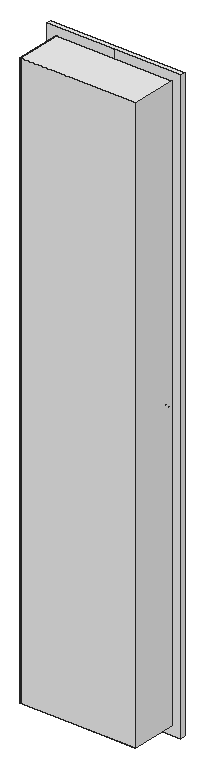
Revit family "DWCB0008_revit", category Generic Models, host Wall, Revit 2017
Family settings
  Host = Wall
  Can host rebar = No
  Round Connector Dimension = Use Diameter
  Part Type = Normal
  Always vertical = Yes
  Cut with Voids When Loaded = No
  Shared = No
  Room Calculation Point = No
Parameters (values of type "Type 1")
  Website = "https://dolphy.in/"  # constant formula
  Contact number = "+91 9520202035"  # constant formula
  Contact email = "info@dolphy.in"  # constant formula
  Company name = "Dolphy India"  # constant formula
Reference planes
  plane 1 "Wall": y = 0
  plane 2 "Center (Left/Right)": x = 125
  plane 3 "Back": y = 75
Forms (mm)
  Extrusion 1, void
    sketch origin (310, 89.64, 1650) x (0, 0, -1) y (-1, 0, 0)
      loop
        line (22.5, 25) -> (1627.5, 25) -> (1627.5, 345) -> (22.5, 345) -> (22.5, 25)
    from -14.64 to -139.64
Text (mm)
  text "Placement Side" at (-1848.837, 1116.779, 0), in view "Ref. Level"
  text "Placement side" at (0, 1409.804, 2854.306), in view "Left"
  text "Placement side" at (0, 499.811, 2980.732), in view "Right"
Dimensions and locks
  locked: plane 3 "Back" to host wall
  aligned and locked: plane 1 "Wall" to host wall
  aligned and locked: nested 1 to plane 2 "Center (Left/Right)"
  aligned and locked: nested 1 to plane 3 "Back"
  aligned and locked: Extrusion 1 to nested 1  (x4)
  aligned and locked: host wall to Extrusion 1
  aligned and locked: nested 1 to Extrusion 1
Nested families
  nested 1: "Silver Washroom Recessed Panel With Waste Container_IN" at (125, 75, 0) x (-1, 0, 0) z (0, 0, 1), type "Silver Washroom Recessed Panel With Waste Container_IN"
Definition of nested family "Silver Washroom Recessed Panel With Waste Container_IN"
  Parameters (values of type "Silver Washroom Recessed Panel With Waste Container_IN")
    Website = "https://dolphy.in/"  # constant formula
    M&L = none
    Contact number = "+91 9520202035"  # constant formula
    Contact emai = "info@dolphy.in"  # constant formula
    Company name = "Dolphy India"  # constant formula
  Reference planes
    plane 1 "Center (Front/Back)": y = 0
    plane 2: z = 0
    plane 3 "Center (Left/Right)": x = 0
  Forms (mm)
    Extrusion 1, solid, material <- "M&L"
      sketch origin (0, 0, 0) x (1, 0, 0) y (0, 1, 0)
        loop
          line (0, 0) -> (-185, 0) -> (-185, -14.64) -> (0, -14.64) -> (185, -14.64) -> (185, 0) -> (0, 0)
      from 0 to 1650
    SweptBlend 2, solid, material <- "M&L"
      path origin (0, 0, 0) x (0, 1, 0) y (0, 0, 1)
        loop
          line (-14.64, 1581.5) -> (-34.64, 1581.5)
      profile origin (0, -14.64, 1581.5) x (0, 0, -1) y (1, 0, 0)
        loop
          line (-46, 155) -> (-46, -155)
          arc (-46, -155) -> (-44.536, -158.536) -> (-41, -160) r 5
          line (-41, -160) -> (249, -160)
          arc (249, -160) -> (252.536, -158.536) -> (254, -155) r 5
          line (254, -155) -> (254, 155)
          arc (254, 155) -> (252.536, 158.536) -> (249, 160) r 5
          line (249, 160) -> (-41, 160)
          arc (-41, 160) -> (-44.536, 158.536) -> (-46, 155) r 5
      end profile origin (0, -34.64, 1581.5) x (0, 0, -1) y (1, 0, 0)
        loop
          line (203.649, -160) -> (203.649, 160) -> (-13.5, 160) -> (-13.5, -160) -> (203.649, -160)
    Extrusion 3, void
      sketch origin (185, -14.64, 0) x (1, 0, 0) y (0, 0, -1)
        loop
          line (-25, -1312.5) -> (-25, -672.5) -> (-345, -672.5) -> (-345, -1312.5) -> (-25, -1312.5)
        loop
          line (-345, -657.5) -> (-25, -657.5) -> (-25, -25) -> (-345, -25) -> (-345, -657.5)
      from 0 to 71.726
    Extrusion 4, solid, material <- "M&L"
      sketch origin (0, 0, 0) x (-1, 0, 0) y (0, 0, 1)
        loop
          line (-160, 1627.5) -> (-160, 22.5) -> (160, 22.5) -> (160, 1627.5) -> (-160, 1627.5)
        loop
          line (159, 1626.5) -> (-159, 1626.5) -> (-159, 23.5) -> (159, 23.5) -> (159, 1626.5)
      from 0 to 125
    Extrusion 5, solid, material <- "M&L"
      sketch origin (185, -14.64, 0) x (-1, 0, 0) y (0, 0, -1)
        loop
          line (25.8, -1311.7) -> (344.2, -1311.7) -> (344.2, -1011.7) -> (25.8, -1011.7) -> (25.8, -1311.7)
        loop
          line (344.2, -656.7) -> (344.2, -25.8) -> (25.8, -25.8) -> (25.8, -656.7) -> (344.2, -656.7)
      from 0 to -5
    Extrusion 6, solid, material <- "M&L"
      sketch origin (-160, -14.64, 672.5) x (1, 0, 0) y (0, 1, 0)
        loop
          line (317.399, 14.64) -> (317.399, 135) -> (2.378, 135) -> (2.378, 14.64) -> (160, 14.64) -> (317.399, 14.64)
      from 0 to -5
    Extrusion 7, void
      sketch origin (-160, -14.64, 672.5) x (0, 1, 0) y (1, 0, 0)
        loop
          line (49.64, 52.378) -> (100, 52.378)
          arc (100, 52.378) -> (107.071, 55.307) -> (110, 62.378) r 10
          line (110, 62.378) -> (110, 257.399)
          arc (110, 257.399) -> (107.071, 264.47) -> (100, 267.399) r 10
          line (100, 267.399) -> (49.64, 267.399)
          arc (49.64, 267.399) -> (42.569, 264.47) -> (39.64, 257.399) r 10
          line (39.64, 257.399) -> (39.64, 158.852) -> (39.64, 62.378)
          arc (39.64, 62.378) -> (42.569, 55.307) -> (49.64, 52.378) r 10
      from 0 to 65.023
    Extrusion 8, void
      sketch origin (0, -14.64, 1327.5) x (-1, 0, 0) y (0, -0.369154, 0.929368)
        loop
          line (105.913, 40.065) -> (0, 40.065) -> (-105.958, 40.065)
          arc (-105.958, 40.065) -> (-106.634, 39.785) -> (-106.913, 39.109) r 0.955
          line (-106.913, 39.109) -> (-106.913, 6.046)
          arc (-106.913, 6.046) -> (-106.621, 5.339) -> (-105.913, 5.046) r 1
          line (-105.913, 5.046) -> (0, 5.046) -> (105.925, 5.046)
          arc (105.925, 5.046) -> (106.624, 5.336) -> (106.913, 6.035) r 0.989
          line (106.913, 6.035) -> (106.913, 39.065)
          arc (106.913, 39.065) -> (106.621, 39.772) -> (105.913, 40.065) r 1
      from 0 to 49.284
    Extrusion 9, solid, material <- "M&L"
      sketch origin (0, -14.64, 1327.5) x (1, 0, 0) y (0, -0.369154, 0.929368)
        loop
          line (-106.913, 29.265) -> (-106.913, 13.114)
          arc (-106.913, 13.114) -> (-106.679, 12.548) -> (-106.113, 12.314) r 0.8
          line (-106.113, 12.314) -> (106.113, 12.314)
          arc (106.113, 12.314) -> (106.679, 12.548) -> (106.913, 13.114) r 0.8
          line (106.913, 13.114) -> (106.913, 29.265)
          arc (106.913, 29.265) -> (106.679, 29.831) -> (106.113, 30.065) r 0.8
          line (106.113, 30.065) -> (-106.113, 30.065)
          arc (-106.113, 30.065) -> (-106.679, 29.831) -> (-106.913, 29.265) r 0.8
        loop
          arc (-7.561, 23.793) -> (-10.165, 21.189) -> (-7.561, 18.585) r 2.604
          line (-7.561, 18.585) -> (0, 18.585) -> (7.561, 18.585)
          arc (7.561, 18.585) -> (10.165, 21.189) -> (7.561, 23.793) r 2.604
          line (7.561, 23.793) -> (0, 23.793) -> (-7.561, 23.793)
      from -2.004 to -10
    Sweep 10, solid, material <- "M&L"
      path in 3D
        loop
          line (-154.129, -14.64, 1011.7) -> (155.871, -14.64, 1011.7)
      profile origin (0.871, -14.64, 1011.7) x (0, -1, 0) y (0, 0, -1)
        loop
          arc (-95, 0) -> (-82.181, 108.109) -> (-14.979, 193.759) r 201.433
          arc (-14.979, 193.759) -> (-14.728, 194.2) -> (-14.64, 194.701) r 1.477
          line (-14.64, 194.701) -> (-14.64, 196.488)
          arc (-14.64, 196.488) -> (-14.955, 197.191) -> (-15.689, 197.425) r 0.943
          arc (-15.689, 197.425) -> (-85.126, 110.213) -> (-98.176, -0.498) r 203.433
          line (-98.176, -0.498) -> (-95, 0)
    Extrusion 11, solid, material <- "M&L"
      sketch origin (0, 125, 0) x (-1, 0, 0) y (0, 0, 1)
        loop
          line (-159, 1626.5) -> (-159, 23.5) -> (159, 23.5) -> (159, 1626.5) -> (-159, 1626.5)
      from 0 to -0.8
    SweptBlend 12, solid, material <- "M&L"
      path origin (0, 0, -70) x (0, 1, 0) y (0, 0, 1)
        loop
          line (-34.64, 1561.592) -> (-36.64, 1561.592)
      profile origin (0, -34.64, 1491.592) x (0, 0, -1) y (1, 0, 0)
        loop
          circle (0, -120) r 10
      end profile origin (0, -36.64, 1491.592) x (0, 0, -1) y (1, 0, 0)
        loop
          circle (0, -120) r 7
    Extrusion 13, void
      sketch origin (-120, -36.64, 1491.592) x (1, 0, 0) y (0, 0, -1)
        loop
          line (-5.138, -0.867) -> (4.862, -0.867) -> (4.862, 0.598) -> (-5.138, 0.598) -> (-5.138, -0.867)
      from 0 to 5
    SweptBlend 14, solid, material <- "M&L"
      path origin (-185, 20.059, 0) x (0, -1, 0) y (0, 0, 1)
        loop
          line (34.64, 1157.393) -> (36.64, 1157.393)
      profile origin (-185, -14.582, 1157.393) x (0, 0, 1) y (-1, 0, 0)
        loop
          circle (0, -66.514) r 10
      end profile origin (-185, -16.582, 1157.393) x (0, 0, 1) y (-1, 0, 0)
        loop
          circle (0, -66.514) r 7
    Extrusion 15, void
      sketch origin (-118.486, -16.582, 1157.393) x (-1, 0, 0) y (0, 0, 1)
        loop
          line (-5.138, -0.867) -> (4.862, -0.867) -> (4.862, 0.598) -> (-5.138, 0.598) -> (-5.138, -0.867)
      from 0 to 5
    SweptBlend 16, solid, material <- "M&L"
      path origin (185, 20.083, -100) x (0, -1, 0) y (0, 0, -1)
        loop
          line (34.64, -457.393) -> (36.64, -457.393)
      profile origin (185, -14.557, 357.393) x (0, 0, -1) y (1, 0, 0)
        loop
          circle (0, -303.486) r 10
      end profile origin (185, -16.557, 357.393) x (0, 0, -1) y (1, 0, 0)
        loop
          circle (0, -303.486) r 7
    Extrusion 17, void
      sketch origin (-118.486, -16.557, 357.393) x (1, 0, 0) y (0, 0, -1)
        loop
          line (-5.138, -0.867) -> (4.862, -0.867) -> (4.862, 0.598) -> (-5.138, 0.598) -> (-5.138, -0.867)
      from 0 to 5
    Extrusion 18, solid, material <- "M&L"
      sketch origin (0, -14.64, 1327.5) x (1, 0, 0) y (0, -0.369154, 0.929368)
        loop
          line (-106.913, 40.065) -> (-106.913, 5.046) -> (0, 5.046) -> (106.913, 5.046) -> (106.913, 40.065) -> (0, 40.065) -> (-106.913, 40.065)
      from -11.374 to -12.289
  Cuts and joins
    Extrusion 3, Extrusion 8, Extrusion 13 cuts Extrusion 1
    Extrusion 7 cuts Extrusion 6
    Extrusion 13 cuts Extrusion 4
    Extrusion 13 cuts Extrusion 11
    joined: Extrusion 4, Extrusion 11
    Extrusion 8, Extrusion 13, Extrusion 15 cuts SweptBlend 2
    Extrusion 13, Extrusion 15 cuts SweptBlend 12
    joined: SweptBlend 2, SweptBlend 12
    Extrusion 15, Extrusion 17 cuts SweptBlend 14
    Extrusion 17 cuts SweptBlend 16
    joined: Extrusion 5, SweptBlend 14, SweptBlend 16
  Lines and regions (mm)
    model lines
      curve 1: line (185, -14.64, 1650) -> (-185, -14.64, 1650)
      curve 2: line (-185, -14.64, 1650) -> (-185, -14.64, 0)
      curve 3: line (185, -14.64, 0) -> (185, -14.64, 1650)
    sketch lines
      curve 4: line (-154.129, -14.64, 1011.7) -> (155.871, -14.64, 1011.7)
  Dimensions and locks
    Extrusion 1 sketch curve to Extrusion 1 sketch curve = 14.64 mm
    Extrusion 1 sketch curve to Extrusion 1 sketch curve = 370 mm
    Extrusion 1 to Extrusion 1 = 1650 mm
    Extrusion 1 to Extrusion 1 = 370 mm
    Extrusion 1 to Extrusion 3 sketch curve = 25 mm
    cut or joined group of Extrusion 1, Extrusion 3, Extrusion 8, Extrusion 13 to cut or joined group of Extrusion 1, Extrusion 3, Extrusion 8, Extrusion 13 = 320 mm
    cut or joined group of Extrusion 1, Extrusion 3, Extrusion 8, Extrusion 13 to cut or joined group of Extrusion 1, Extrusion 3, Extrusion 8, Extrusion 13 = 370 mm
    SweptBlend 2 to Extrusion 4 = 159.64 mm
    Extrusion 4 to Extrusion 4 = 1605 mm
    aligned and locked: level to plane 2
  Automatic sketch dimensions
    plane 1 "Center (Front/Back)" to Extrusion 1 sketch curve = 0 mm
    Extrusion 1 sketch curve to plane 3 "Center (Left/Right)" = 0 mm  (x2)
    Extrusion 1 sketch curve to plane 3 "Center (Left/Right)" = 185 mm
    curve 3 to Extrusion 1 = 0 mm  (x3)
    curve 2 to Extrusion 1 = 0 mm
    curve 2 to Extrusion 1 = 185 mm
    plane 1 "Center (Front/Back)" to SweptBlend 2 sketch curve = 34.64 mm
    level to SweptBlend 2 sketch curve = 1581.5 mm
    plane 1 "Center (Front/Back)" to SweptBlend 2 sketch curve = 14.64 mm
    profile plane to SweptBlend 2 sketch curve = 46 mm
    SweptBlend 2 sketch curve to SweptBlend 2 sketch curve = 5 mm  (x3)
    SweptBlend 2 sketch curve to profile plane = 249 mm  (x2)
    SweptBlend 2 sketch curve to plane 3 "Center (Left/Right)" = 160 mm  (x2)
    plane 3 "Center (Left/Right)" to SweptBlend 2 sketch curve = 155 mm
    profile plane to SweptBlend 2 sketch curve = 13.5 mm
    SweptBlend 2 sketch curve to profile plane = 203.649 mm
    plane 3 "Center (Left/Right)" to SweptBlend 2 sketch curve = 160 mm
    Extrusion 1 to Extrusion 3 sketch curve = 160 mm  (x2)
    Extrusion 1 to Extrusion 3 sketch curve = 25 mm
    Extrusion 3 sketch curve to Extrusion 3 sketch curve = 0 mm
    Extrusion 3 sketch curve to Extrusion 3 sketch curve = 632.5 mm
    Extrusion 3 sketch curve to Extrusion 3 sketch curve = 15 mm
    Extrusion 3 sketch curve to Extrusion 1 = 337.5 mm
    Extrusion 1 to Extrusion 4 sketch curve = 22.5 mm
    Extrusion 4 sketch curve to Extrusion 1 = 160 mm
    Extrusion 4 sketch curve to Extrusion 4 sketch curve = 1 mm  (x4)
    Extrusion 1 to Extrusion 4 sketch curve = 26 mm
    Extrusion 1 to Extrusion 4 sketch curve = 23.5 mm
    Extrusion 5 sketch curve to Extrusion 1 = 25.8 mm  (x2)
    Extrusion 1 to Extrusion 5 sketch curve = 25.8 mm
    Extrusion 5 sketch curve to Extrusion 1 = 159.2 mm  (x2)
    Extrusion 5 sketch curve to Extrusion 5 sketch curve = 630.9 mm
    Extrusion 5 sketch curve to Extrusion 5 sketch curve = 355 mm
    Extrusion 5 sketch curve to Extrusion 5 sketch curve = 300 mm
    Extrusion 6 sketch curve to Extrusion 3 = 2.378 mm
    Extrusion 3 to Extrusion 6 sketch curve = 14.64 mm
    Extrusion 6 sketch curve to Extrusion 6 sketch curve = 157.622 mm
    Extrusion 3 to Extrusion 6 sketch curve = 2.601 mm
    Extrusion 6 sketch curve to Extrusion 3 = 63.274 mm
    profile plane to Sweep 10 sketch curve = 0 mm
    Sweep 10 sketch curve to profile plane = 0.498 mm
    profile plane to Sweep 10 sketch curve = 98.176 mm
    Sweep 10 sketch curve to Sweep 10 sketch curve = 3.176 mm
    profile plane to Sweep 10 sketch curve = 16.117 mm
    Sweep 10 sketch curve to Sweep 10 sketch curve = 0.534 mm
    Sweep 10 sketch curve to Sweep 10 sketch curve = 0.943 mm
    profile plane to Sweep 10 sketch curve = 31.954 mm
    Sweep 10 sketch curve to profile plane = 102.652 mm
    Sweep 10 sketch curve to Sweep 10 sketch curve = 1.347 mm
    Sweep 10 sketch curve to Sweep 10 sketch curve = 0.735 mm
    profile plane to Sweep 10 sketch curve = 194.701 mm
    Sweep 10 sketch curve to Sweep 10 sketch curve = 1.787 mm
    Extrusion 11 sketch curve to Extrusion 4 = 0 mm  (x4)
    plane 1 "Center (Front/Back)" to SweptBlend 12 sketch curve = 36.64 mm
    level to SweptBlend 12 sketch curve = 1491.592 mm
    SweptBlend 12 sketch curve to SweptBlend 12 sketch curve = 2 mm
    SweptBlend 12 sketch curve to plane 3 "Center (Left/Right)" = 120 mm  (x2)
    SweptBlend 12 sketch curve to profile plane = 0 mm  (x2)
    Extrusion 13 sketch curve to Extrusion 13 sketch curve = 10 mm
    Extrusion 13 sketch curve to Extrusion 13 sketch curve = 1.465 mm
    SweptBlend 14 sketch curve to profile plane = 0 mm  (x2)
    SweptBlend 14 sketch curve to profile plane = 66.514 mm  (x2)
    Extrusion 15 sketch curve to Extrusion 15 sketch curve = 10 mm
    Extrusion 15 sketch curve to Extrusion 15 sketch curve = 1.465 mm
    SweptBlend 16 sketch curve to profile plane = 0 mm  (x2)
    SweptBlend 16 sketch curve to profile plane = 303.486 mm  (x2)
    Extrusion 17 sketch curve to Extrusion 17 sketch curve = 10 mm
    Extrusion 17 sketch curve to Extrusion 17 sketch curve = 1.465 mm
    SweptBlend 2 to Extrusion 18 sketch curve = 14.113 mm
    Extrusion 18 sketch curve to SweptBlend 2 = 51.565 mm
    Extrusion 18 sketch curve to Extrusion 18 sketch curve = 106.913 mm  (x2)
    SweptBlend 2 to Extrusion 18 sketch curve = 5.046 mm
    Extrusion 18 sketch curve to Extrusion 18 sketch curve = 0 mm
    SweptBlend 2 to Extrusion 9 sketch curve = 29.265 mm
    Extrusion 9 sketch curve to SweptBlend 2 = 50.572 mm
    Extrusion 9 sketch curve to Extrusion 9 sketch curve = 0.8 mm  (x3)
    SweptBlend 2 to Extrusion 9 sketch curve = 18.585 mm
    Extrusion 9 sketch curve to Extrusion 9 sketch curve = 98.552 mm  (x2)
    Extrusion 9 sketch curve to Extrusion 9 sketch curve = 7.561 mm  (x2)
    Extrusion 9 sketch curve to Extrusion 9 sketch curve = 0 mm  (x2)
    SweptBlend 2 to Extrusion 9 sketch curve = 13.114 mm
    Extrusion 9 sketch curve to Extrusion 9 sketch curve = 2.604 mm
    Extrusion 8 sketch curve to SweptBlend 2 = 6.046 mm
    SweptBlend 2 to Extrusion 8 sketch curve = 48.439 mm
    Extrusion 8 sketch curve to Extrusion 8 sketch curve = 0.955 mm
    Extrusion 8 sketch curve to Extrusion 8 sketch curve = 1 mm
    Extrusion 8 sketch curve to Extrusion 8 sketch curve = 105.913 mm  (x2)
    Extrusion 8 sketch curve to SweptBlend 2 = 14.113 mm
    Extrusion 8 sketch curve to Extrusion 8 sketch curve = 0 mm
    Extrusion 8 sketch curve to SweptBlend 2 = 15.113 mm
    Extrusion 8 sketch curve to Extrusion 8 sketch curve = 0.989 mm
    Extrusion 7 sketch curve to Extrusion 6 = 25 mm
    Extrusion 7 sketch curve to Extrusion 7 sketch curve = 10 mm  (x3)
    Extrusion 7 sketch curve to Extrusion 6 = 35 mm  (x2)
    Extrusion 7 sketch curve to Extrusion 6 = 50 mm
    Extrusion 7 sketch curve to Extrusion 7 sketch curve = 98.548 mm
    Extrusion 7 sketch curve to Extrusion 6 = 60 mm
    SweptBlend 14 sketch curve to Extrusion 1 = 0.059 mm
    Extrusion 1 to SweptBlend 14 sketch curve = 1.941 mm
    Extrusion 1 to SweptBlend 14 sketch curve = 492.607 mm
    Extrusion 1 to SweptBlend 16 sketch curve = 0.083 mm
    SweptBlend 16 sketch curve to Extrusion 1 = 1.917 mm
    Extrusion 1 to SweptBlend 16 sketch curve = 357.393 mm
    radius of SweptBlend 12 sketch curve = 10 mm
    radius of SweptBlend 12 sketch curve = 7 mm
    radius of SweptBlend 14 sketch curve = 10 mm
    radius of SweptBlend 14 sketch curve = 7 mm
    radius of SweptBlend 16 sketch curve = 10 mm
    radius of SweptBlend 16 sketch curve = 7 mm
